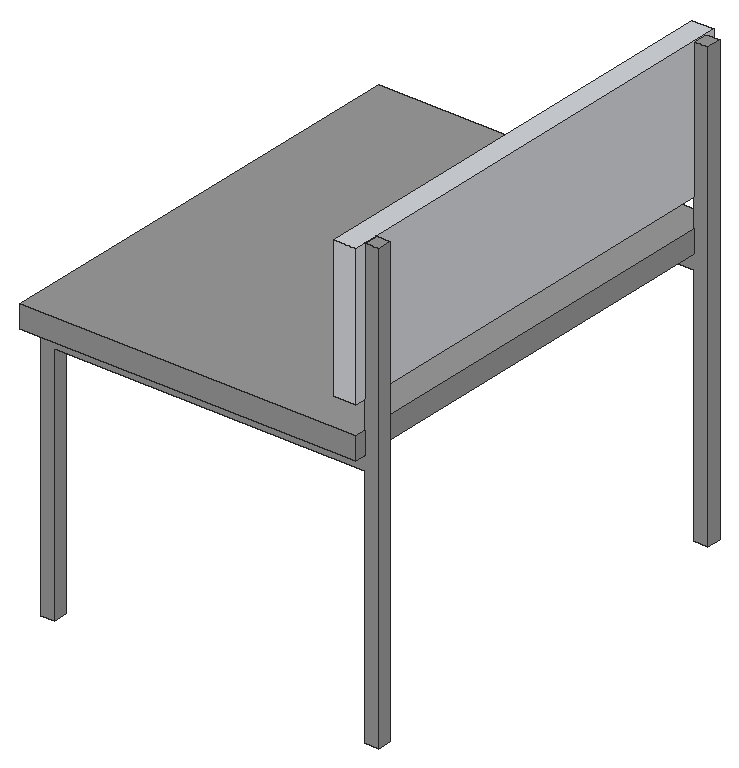
Revit family "АВЛН_Скамья", category Мебель, Revit 2019
Family settings
  Номер OmniClass = 23.40.20.00
  Заголовок OmniClass = General Furniture and Specialties
  На основе рабочей плоскости = Нет
  Всегда вертикально = Да
  При загрузке вырезать с полостями = Нет
  Общий = Нет
  Точка расчета площади = Нет
Parameters (values of type "Скамья для МГН 600х800х500")
  МГН = yes
  М_Сиденье = Деревянная обшивка, ДСП
  Описание = "Скамья для ММГН 0,6х0,8х0,5(h)"
  М_Опора = Сталь, окрашенная, темно-серая, матовая
  Type Comments = ""
  Keynote = ""
  Manufacturer = ""
  Группа модели = "Оборудование основных помещений школы"  # constant formula
  ADSK_Размер_Ширина = 800 mm
  ADSK_Размер_Длина = 600 mm
  ADSK_Размер_Высота = 500 mm
  ADSK_Обозначение = ""
  ADSK_Масса = 0
  ADSK_Код изделия = ""
  ADSK_Единица измерения = "шт"  # constant formula
Reference planes
  plane 1 "По центру (Вперед/Назад)": y = 0
  plane 2: z = 0
  plane 3 "По центру (Влево/Вправо)": x = 0
  plane 4 "сиденье": z = 500
  plane 5: y = 400
  plane 6: y = -400
  plane 7: x = -300
  plane 8: x = 300
  plane 9 "верх": z = 800
Forms (mm)
  Extrusion 1, solid, material "Деревянная обшивка, ДСП" <- "М_Сиденье"
    sketch origin (0, -518.993, 500) x (-1, 0, 0) y (0, 1, 0)
      loop
        line (300, 918.993) -> (-300, 918.993) -> (-300, 118.993) -> (300, 118.993) -> (300, 918.993)
    from 40 to 0
  Sweep 2, solid, material "Сталь, окрашенная, темно-серая, матовая" <- "М_Опора"
    path origin (68.143, -400, 1200) x (-1, 0, 0) y (0, 0, 1)
      loop
        line (-244.357, -765) -> (-244.357, -1200)
    profile origin (312.5, -400, 217.5) x (0, 1, 0) y (-1, 0, 0)
      loop
        line (20, -12.5) -> (45, -12.5) -> (45, 12.5) -> (20, 12.5) -> (20, -12.5)
  Extrusion 3, solid
    sketch origin (4267.2, -338.917, 800) x (0, -1, 0) y (1, 0, 0)
      loop
        line (-738.917, -4007.2) -> (61.083, -4007.2) -> (61.083, -3967.2) -> (-738.917, -3967.2) -> (-738.917, -4007.2)
    from -250 to 0
  Sweep 4, solid, material "Сталь, окрашенная, темно-серая, матовая" <- "М_Опора"
    path origin (-244.357, -400, 1580) x (-1, 0, 0) y (0, 0, 1)
      loop
        line (-544.357, -780) -> (-544.357, -1120) -> (35.643, -1120) -> (35.643, -1580)
    profile origin (10, -400, 460) x (0, 0, 1) y (0, 1, 0)
      loop
        line (-25, 20) -> (0, 20) -> (0, 45) -> (-25, 45) -> (-25, 20)
  Sweep 5, solid, material "Сталь, окрашенная, темно-серая, матовая" <- "М_Опора"
    path origin (68.143, 400, 1200) x (-1, 0, 0) y (0, 0, 1)
      loop
        line (-244.357, -765) -> (-244.357, -1200)
    profile origin (312.5, 400, 217.5) x (0, 1, 0) y (-1, 0, 0)
      loop
        line (-45, 12.5) -> (-45, -12.5) -> (-20, -12.5) -> (-20, 12.5) -> (-45, 12.5)
  Sweep 6, solid, material "Сталь, окрашенная, темно-серая, матовая" <- "М_Опора"
    path origin (-244.357, 400, 1200) x (-1, 0, 0) y (0, 0, 1)
      loop
        line (-544.357, -400) -> (-544.357, -740) -> (35.643, -740) -> (35.643, -1200)
    profile origin (10, 400, 460) x (0, 0, 1) y (0, 1, 0)
      loop
        line (0, -45) -> (0, -20) -> (-25, -20) -> (-25, -45) -> (0, -45)
Cuts and joins
  joined: Sweep 2, Sweep 4, Sweep 5, Sweep 6
Dimensions and locks
  plane 2 to plane 4 "сиденье" = 500 mm
  "ADSK_Размер_Ширина": plane 5 to plane 6
  "ADSK_Размер_Длина": plane 7 to plane 8
  "ADSK_Размер_Высота": level to plane 4 "сиденье"
  Extrusion 1 to plane 4 "сиденье" = 40 mm
  equal spacing: plane 7, plane 3 "По центру (Влево/Вправо)", plane 8
  equal spacing: plane 5, plane 1 "По центру (Вперед/Назад)", plane 6
  locked: Sweep 2 sketch curve to Sweep 2 sketch curve at 25  (x2)
  locked: Sweep 2 sketch curve to profile plane at 20
  equal spacing: Sweep 2 sketch curve, Sweep 2 sketch curve, profile plane, Sweep 2 sketch curve
  locked: Extrusion 3 sketch curve to plane 8 at 40
  locked: plane 4 "сиденье" to plane 9 "верх" at 300
  plane 1 "По центру (Вперед/Назад)" to Extrusion 3 = 400 mm
  locked: Sweep 4 sketch curve to Sweep 4 sketch curve at 25  (x2)
  locked: Sweep 4 sketch curve to profile plane at 20
  locked: Sweep 4 sketch curve to plane 7 at 20
  locked: Sweep 5 sketch curve to Sweep 5 sketch curve at 25  (x2)
  locked: profile plane to Sweep 5 sketch curve at 20
  equal spacing: Sweep 5 sketch curve, profile plane, Sweep 5 sketch curve, Sweep 5 sketch curve
  locked: Sweep 6 sketch curve to Sweep 6 sketch curve at 25  (x2)
  locked: profile plane to Sweep 6 sketch curve at 20
  locked: Sweep 6 sketch curve to plane 7 at 20
  locked: Extrusion 3 to plane 4 "сиденье" at 50
  aligned and locked: Extrusion 1 to plane 4 "сиденье"
  aligned and locked: plane 8 to Extrusion 1
  aligned and locked: Extrusion 1 to plane 7
  aligned and locked: Extrusion 1 to plane 5
  aligned and locked: Extrusion 1 to plane 6
  aligned and locked: level to plane 2
  aligned and locked: plane 5 to Extrusion 3 sketch curve
  aligned and locked: Extrusion 3 sketch curve to plane 6
  aligned and locked: Extrusion 3 sketch curve to plane 8
  aligned and locked: Extrusion 3 to plane 9 "верх"
  aligned and locked: profile plane to Sweep 4 sketch curve
  aligned and locked: plane 9 "верх" to Sweep 4 sketch curve
  aligned and locked: Sweep 4 to Sweep 2 sketch curve
  aligned and locked: Sweep 6 sketch curve to profile plane
  aligned and locked: Sweep 6 to Sweep 5 sketch curve
  aligned and locked: cut or joined group of Sweep 2, Sweep 4, Sweep 5, Sweep 6 to plane 8  (x2)
  aligned and locked: plane 2 to Sweep 4 sketch curve
  aligned and locked: plane 2 to Sweep 6 sketch curve
  aligned and locked: plane 2 to Sweep 2 sketch curve
  aligned and locked: plane 2 to Sweep 5 sketch curve
  aligned and locked: Sweep 4 sketch curve to Extrusion 1
  aligned and locked: Sweep 6 sketch curve to Extrusion 1
Automatic sketch dimensions
  Extrusion 1 sketch curve to plane 5 = 0 mm
  Extrusion 1 sketch curve to plane 8 = 0 mm
  Extrusion 1 sketch curve to plane 6 = 0 mm
  Extrusion 1 sketch curve to plane 7 = 0 mm
  profile plane to Sweep 2 sketch curve = 12.5 mm
  profile plane to Sweep 5 sketch curve = 12.5 mm
  plane 3 "По центру (Влево/Вправо)" to Sweep 5 sketch curve = 312.5 mm
  Sweep 6 sketch curve to plane 8 = 0 mm
  Sweep 6 sketch curve to plane 9 "верх" = 0 mm
  plane 8 to Sweep 2 sketch curve = 12.5 mm
  Sweep 4 sketch curve to plane 8 = 0 mm
